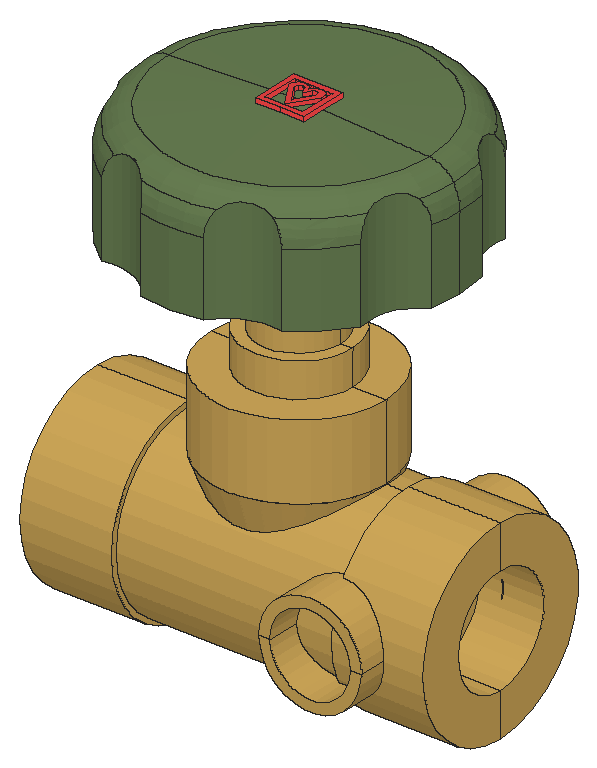
Revit family "HERZ Strömax 4215 AW IG-IG", category Rohrzubehör, Revit 2018
Family settings
  Bemaßung runder Anschluss = Durchmesser verwenden
  Teiletyp = Unterbricht
  OmniClass-Nummer = 23.65.55.14
  OmniClass-Titel = Valves for Liquid Services
  Arbeitsebenenbasiert = Nein
  Immer vertikal = Ja
  Beim Laden mit Abzugskörper schneiden = Nein
  Gemeinsam genutzt = Nein
Parameters
  URL = "www.herzvalves.com"
  T02 = 8.5 mm  # constant formula
  T01 [instance] = size_lookup("4215AW_", "T1", 17.5 mm, Nennweite)  # 23 mm
  R09 [instance] = R08 - 2 mm  # 7.5 mm
  Part number [instance] = size_lookup("4215AW_", "Artnr", 0, Nennweite)  # 2421532
  O-Rings = "EPDM"  # constant formula
  SC_NennweiteBerechnet = 0
  SC_Dimension = ""
  SCTWSEQ = "FW;SBT_TYP_FW=\"106\";2"
  SCTWCODE = "04;01;02"  # constant formula
  S03 = 60 mm  # constant formula
  S02 [instance] = H01 + H02 + H03  # 53.5 mm
  S01 [instance] = R01 * 2  # 36 mm
  R08 [instance] = size_lookup("4215AW_", "R8", 9.5 mm, Nennweite)  # 9.5 mm
  R07 = 3 mm  # constant formula
  R06 [instance] = size_lookup("4215AW_", "R6", 7.8 mm, Nennweite)  # 7.8 mm
  R05 [instance] = size_lookup("4215AW_", "R5", 10.1 mm, Nennweite)  # 10.1 mm
  R04 [instance] = size_lookup("4215AW_", "R4", 13.5 mm, Nennweite)  # 16.3 mm
  R03 [instance] = size_lookup("4215AW_", "R3", 15 mm, Nennweite)  # 17 mm
  R02 [instance] = Nennweite / 2  # 10 mm
  R01 [instance] = size_lookup("4215AW_", "R1", 16 mm, Nennweite)  # 18 mm
  Note = "Pursuant to Article 33 of the REACH Regulation (EC No. 1907/2006), we are obliged to point out that the material lead is listed on the SVHC list and that all brass components manufactured in our products exceed 0.1% (w / w) lead (CAS: 7439-92-1 / EINECS: 231-100-4).\r\nSince lead is a component part of an alloy, actual exposure is not possible and therefore no additional information on safe use is necessary."
  Nennweite [instance] = 20 mm
  Min. flow at Dp 10 kPa [instance] = if(Nennweite = 15 mm, 0.2, if(Nennweite = 20 mm, 0.4, if(Nennweite = 25 mm, 0.7, if(Nennweite = 32 mm, 1.2, if(Nennweite = 40 mm, 1.6, if(Nennweite = 50 mm, 2.7, 0))))))  # 0.4
  Medium = "Water"  # constant formula
  Max. operating temperature = 90 °C  # constant formula
  Max. operating pressure = 1000000.0 Pa  # constant formula
  Max. differential pressure on closed seat = 1000000.0 Pa  # constant formula
  L03 [instance] = size_lookup("4215AW_", "L3", 15.5 mm, Nennweite)  # 19 mm
  L02 = 12 mm  # constant formula
  L01 [instance] = size_lookup("4215AW_", "L1", 16 mm, Nennweite)  # 17 mm
  L00 [instance] = size_lookup("4215AW_", "L", 65 mm, Nennweite)  # 75 mm
  Hersteller = "HERZ Armaturen Ges.m.b.H."  # constant formula
  Hand wheel = "plastic, green"  # constant formula
  H04 = 21 mm  # constant formula
  H03 [instance] = size_lookup("4215AW_", "H3", 14.6 mm, Nennweite)  # 16.1 mm
  H02 [instance] = size_lookup("4215AW_", "H2", 5.4 mm, Nennweite)  # 6.4 mm
  H01 [instance] = size_lookup("4215AW_", "H1", 26 mm, Nennweite)  # 31 mm
  H00 [instance] = H01 + H02 + H03  # 53.5 mm
  Body = "DZR brass acc. to EN1982"  # constant formula
  Application = "For shutting off drinking water pipes and systems in buildings."
Reference planes
  plane 1 "Mitte (Vorne/hinten)": y = 0
  plane 2: z = 0
  plane 3 "Mitte (Links/rechts)": x = 0
Forms (mm)
  Revolve 1, solid, material "Messing, weicher Gelbton, geschweißt", detail levels fine
    sketch origin (470, 0, 0) x (1, 0, 0) y (0, 0, 1)
      loop
        line (-507.5, 10) -> (-495.5, 10) -> (-495.5, 0) -> (-444.5, 0) -> (-444.5, 10) -> (-432.5, 10) -> (-432.5, 18) -> (-449.5, 18) -> (-449.5, 17) -> (-490.5, 17) -> (-490.5, 18) -> (-507.5, 18) -> (-507.5, 10)
      axis (-507.5, 0) -> (-432.5, 0)
    angle from 0 to 360
  Revolve 2, solid, material "Messing, weicher Gelbton, geschweißt", detail levels fine
    sketch origin (0, 0, 0) x (1, 0, 0) y (0, 0, 1)
      loop
        line (0, 0) -> (0, 53.5) -> (-7.8, 53.5) -> (-7.8, 37.4) -> (-10.1, 37.4) -> (-10.1, 31) -> (-16.3, 31) -> (-16.3, 17) -> (-10, 0) -> (0, 0)
      axis (0, 53.5) -> (0, 0)
    angle from 0 to 360
  Revolve 3, solid, material "Messing, weicher Gelbton, geschweißt", detail levels fine
    sketch origin (0, 0, 0) x (1, 0, 0) y (0, 1, 0)
      loop
        line (20.5, -14.5) -> (28, -14.5) -> (28, -23) -> (30, -23) -> (30, -10) -> (23.5, -10) -> (23.5, 10) -> (30, 10) -> (30, 23) -> (20.5, 23) -> (20.5, -14.5)
      axis (20.5, 23) -> (20.5, -23)
    angle from 0 to 360
Lines and regions (mm)
  model lines, detail levels coarse+medium
    curve 1: line (-37.5, 0, 18) -> (-37.5, 0, -18)
    curve 2: line (-37.5, 0, -18) -> (37.5, 0, 18)
    curve 3: line (37.5, 0, 18) -> (37.5, 0, -18)
    curve 4: line (37.5, 0, -18) -> (-37.5, 0, 18)
    curve 5: line (0, 0, 0) -> (0, 0, 53.5)
    curve 6: line (-30, 0, 53.5) -> (30, 0, 53.5)
    curve 7: line (-37.5, -18, 0) -> (-37.5, 18, 0)
    curve 8: line (-37.5, 18, 0) -> (37.5, -18, 0)
    curve 9: line (37.5, -18, 0) -> (37.5, 18, 0)
    curve 10: line (37.5, 18, 0) -> (-37.5, -18, 0)
    curve 11: line (0, 0, 0) -> (0, 53.5, 0)
    curve 12: line (30, 53.5, 0) -> (-30, 53.5, 0)
Dimensions and locks
  "L00": Revolve 1 sketch curve to Revolve 1 sketch curve
  equal spacing: Revolve 1 sketch curve, plane 3 "Mitte (Links/rechts)", Revolve 1 sketch curve
  "R01": Revolve 1 sketch curve to Revolve 1 sketch curve  (x2)
  "R02": Revolve 1 sketch curve to Revolve 1 sketch curve  (x2)
  "L01": Revolve 1 sketch curve to Revolve 1 sketch curve  (x2)
  "L02": Revolve 1 sketch curve to Revolve 1 sketch curve  (x2)
  "R03": Revolve 1 sketch curve to Revolve 1 sketch curve
  "R03": Revolve 2 sketch curve to Revolve 2 sketch curve
  "R02": Revolve 2 sketch curve to Revolve 2 sketch curve
  "R04": Revolve 2 sketch curve to Revolve 2 sketch curve
  "R05": Revolve 2 sketch curve to Revolve 2 sketch curve
  "R06": Revolve 2 sketch curve to Revolve 2 sketch curve
  "H01": Revolve 2 sketch curve to plane 2
  "T01": Revolve 3 sketch curve to plane 1 "Mitte (Vorne/hinten)" to Revolve 3 sketch curve
  "R02": Revolve 3 sketch curve to plane 1 "Mitte (Vorne/hinten)"
  "R02": plane 1 "Mitte (Vorne/hinten)" to Revolve 3 sketch curve
  "R07": Revolve 3 sketch curve to Revolve 3 sketch curve
  "H02": Revolve 2 sketch curve to Revolve 2 sketch curve
  "H03": Revolve 2 sketch curve to Revolve 2 sketch curve
  "H00": nested 1 to plane 2
  "H04": nested 2 to Revolve 2
  equal spacing: curve 4, plane 2, curve 2
  "S01": curve 4 to curve 2
  equal spacing: curve 3, plane 2, curve 4
  "S01": curve 3 to curve 4
  equal spacing: curve 1, plane 3 "Mitte (Links/rechts)", curve 3
  "L00": curve 1 to curve 3
  "S02": curve 5 to plane 2
  equal spacing: curve 6, curve 5, curve 6
  "S03": curve 6 to curve 6
  equal spacing: curve 10, plane 1 "Mitte (Vorne/hinten)", curve 8
  "S01": curve 8 to curve 10
  equal spacing: curve 9, plane 1 "Mitte (Vorne/hinten)", curve 10
  "S01": curve 10 to curve 9
  equal spacing: curve 7, plane 3 "Mitte (Links/rechts)", curve 9
  "L00": curve 7 to curve 9
  "S02": plane 1 "Mitte (Vorne/hinten)" to curve 11
  equal spacing: curve 12, curve 11, curve 12
  "S03": curve 12 to curve 12
  "T02": Revolve 3 sketch curve to Revolve 3 sketch curve
  "R08": Revolve 3 sketch curve to Revolve 3 sketch curve
  "R03": Revolve 3 sketch curve to Revolve 1
  "R09": Revolve 3 sketch curve to Revolve 3 sketch curve
  aligned and locked: level to plane 2
Automatic sketch dimensions
  curve 5 to level = 0 mm
  curve 11 to plane 3 "Mitte (Links/rechts)" = 0 mm
  Revolve 1 sketch curve to level = 0 mm  (x2)
  Revolve 1 sketch curve to Revolve 1 sketch curve = 791.99 mm
  Revolve 1 sketch curve to Revolve 1 sketch curve = 2278.983 mm
  Revolve 2 sketch curve to level = 0 mm
  Revolve 2 sketch curve to plane 3 "Mitte (Links/rechts)" = 0 mm  (x2)
  Revolve 2 sketch curve to Revolve 2 sketch curve = 366.045 mm
  Revolve 2 sketch curve to Revolve 2 sketch curve = 2165.278 mm
  Revolve 3 sketch curve to Revolve 3 sketch curve = 0 mm  (x2)
  Revolve 3 sketch curve to Revolve 3 sketch curve = 6.5 mm
  Revolve 3 sketch curve to Revolve 3 sketch curve = 3.768 mm
Nested families
  nested 1: "Strömax-Handrad (Grün)" at (0, 0, 53.5), type "Strömax-Handrad (Grün)", detail levels fine
    with Nennweite 0 mm, Gewicht 0.00 kg, Bestellnummer 0
  nested 2: "Herz-Logo" at (0, 0, 74.5), type "Herz-Logo", detail levels fine
Connectors
  piping at (-25.5, 0, 0), diameter 20, driven by "Nennweite"
    settings: on Revolve 1, index 1, connector inside diameter 609.6 mm, connector length 0 mm, flow factor 0, pipe flow 0.0 L/s, pressure drop 0.0 Pa, fitting loss kfactor 0, connector angle 0.00°, fixture units 0, engagement length 0 mm, angle of deflection 0.00°, flow configuration 0, flow direction 1, fitting loss method 0, system type 29, joint type 0, gender type 0, connector reference index -1, connector utility 0, adjustable connector no, is connector primary yes, connector description ""
  piping at (25.5, 0, 0), diameter 20, driven by "Nennweite"
    settings: on Revolve 1, index 2, connector inside diameter 609.6 mm, connector length 0 mm, flow factor 0, pipe flow 0.0 L/s, pressure drop 0.0 Pa, fitting loss kfactor 0, connector angle 0.00°, fixture units 0, engagement length 0 mm, angle of deflection 0.00°, flow configuration 0, flow direction 2, fitting loss method 0, system type 29, joint type 0, gender type 0, connector reference index -1, connector utility 0, adjustable connector no, is connector primary no, connector description ""
Definition of nested family "Strömax-Handrad (Grün)"
  Parameters (values of type "Strömax-Handrad (Grün)")
    URL = "www.herz-armaturen.at"
    Nennweite [instance] = 0 mm
    Manufacturer = "Herz Armaturen GmbH"  # constant formula
    Gewicht [instance] = 0.00 kg
    Bestellnummer [instance] = 0
  Reference planes
    plane 1 "Mitte (Vorne/hinten)": y = 0
    plane 2: z = 0
    plane 3 "Mitte (Links/rechts)": x = 0
  Forms (mm)
    Revolve 1, solid
      sketch origin (0, 0, 0) x (1, 0, 0) y (0, 0, 1)
        loop
          line (0, 0) -> (0, 22)
          arc (0, 22) -> (-12.15, 21.705) -> (-24.271, 20.819) r 250
          arc (-24.271, 20.819) -> (-26.831, 19.959) -> (-28.754, 18.063) r 6
          arc (-28.754, 18.063) -> (-29.682, 16.008) -> (-30, 13.776) r 8
          line (-30, 13.776) -> (-30, 0) -> (0, 0)
        axis (0, 22) -> (0, 0)
      angle from 0 to 360
    Extrusion 2, void
      sketch origin (0, 0, 0) x (1, 0, 0) y (0, 1, 0)
        loop
          circle (14.351, -34.645) r 10
      from 0 to 22
    Extrusion 3, void
      sketch origin (0, 0, 0) x (-1, 0, 0) y (0, -1, 0)
        loop
          circle (14.351, 34.645) r 10
      from 0 to 22
    Extrusion 4, void
      sketch origin (0, 0, 0) x (0, -1, 0) y (1, 0, 0)
        loop
          circle (14.351, 34.645) r 10
      from 0 to 22
    Extrusion 5, void
      sketch origin (0, 0, 0) x (0, 1, 0) y (-1, 0, 0)
        loop
          circle (14.351, -34.645) r 10
      from 0 to 22
    Extrusion 6, void
      sketch origin (0, 0, 0) x (0, -1, 0) y (1, 0, 0)
        loop
          circle (14.351, -34.645) r 10
      from 0 to 22
    Extrusion 7, void
      sketch origin (0, 0, 0) x (0, 1, 0) y (-1, 0, 0)
        loop
          circle (14.351, 34.645) r 10
      from 0 to 22
    Extrusion 8, void
      sketch origin (0, 0, 0) x (1, 0, 0) y (0, 1, 0)
        loop
          circle (14.351, 34.645) r 10
      from 0 to 22
    Extrusion 9, void
      sketch origin (0, 0, 0) x (-1, 0, 0) y (0, -1, 0)
        loop
          circle (14.351, -34.645) r 10
      from 0 to 22
  Cuts and joins
    Extrusion 2, Extrusion 3, Extrusion 4, Extrusion 5, Extrusion 6, Extrusion 7, Extrusion 8, Extrusion 9 cuts Revolve 1
  Dimensions and locks
    aligned and locked: level to plane 2
Definition of nested family "Herz-Logo"
  Reference planes
    plane 1 "Mitte (Vorne/hinten)": y = 0
    plane 2: z = 0
    plane 3 "Mitte (Links/rechts)": x = 0
  Forms (mm)
    Extrusion 1, solid
      sketch origin (0, 0, 0) x (1, 0, 0) y (0, 1, 0)
        loop
          line (-0.018, -4.517) -> (4.482, -4.517) -> (4.482, 4.483) -> (-4.518, 4.483) -> (-4.518, -4.517) -> (-0.018, -4.517)
        loop
          line (-0.05, -3.48) -> (3.482, -3.48) -> (3.482, 3.483) -> (-3.518, 3.483) -> (-3.518, -3.48) -> (-0.05, -3.48)
        loop
          arc (-0.018, 2.383) -> (-1.543, 3.287) -> (-3.067, 2.383) r 1.738
          arc (-3.067, 2.383) -> (-3.191, 1.899) -> (-3.067, 1.415) r 1.009
          line (-3.067, 1.415) -> (-0.018, -3.281) -> (3.032, 1.415)
          arc (3.032, 1.415) -> (3.156, 1.899) -> (3.032, 2.383) r 1.009
          arc (3.032, 2.383) -> (1.507, 3.287) -> (-0.018, 2.383) r 1.738
        loop
          arc (1.885, 1.272) -> (2.005, 1.675) -> (1.885, 2.079) r 0.74
          arc (1.885, 2.079) -> (1.265, 2.416) -> (0.644, 2.079) r 0.74
          line (0.644, 2.079) -> (-0.018, 0.97) -> (-0.679, 2.079)
          arc (-0.679, 2.079) -> (-1.3, 2.416) -> (-1.921, 2.079) r 0.74
          arc (-1.921, 2.079) -> (-2.04, 1.675) -> (-1.921, 1.272) r 0.74
          line (-1.921, 1.272) -> (-0.018, -1.658) -> (1.885, 1.272)
      from 0 to 1.5
  Dimensions and locks
    aligned and locked: level to plane 2
